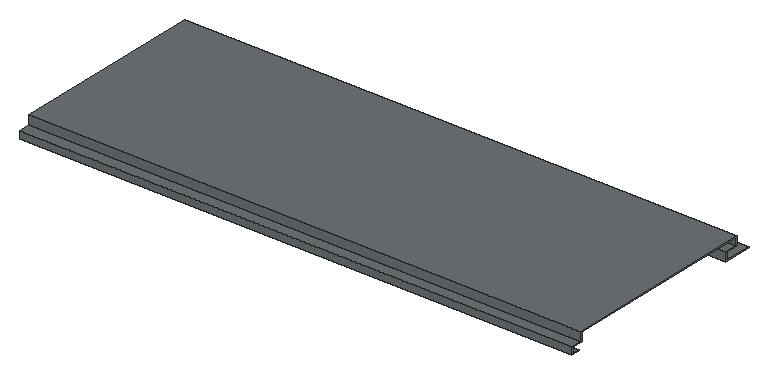
Revit family "BIMLIB_СайдингМеталлическийВертикальClassic_GRANDLINE", category Обобщенные модели, Revit 2017
Family settings
  Может служить основой для арматурных стержней = Нет
  Размер круглого соединителя = Использовать диаметр
  Тип детали = Нормальный
  При загрузке вырезать с полостями = Нет
  Общий = Нет
  Точка расчета площади = Нет
Parameters (values of type "Вертикаль Classic")
  Смещение от плоскости [instance] = 0 mm
  Описание = ADSK_Наименование  # "Металлический cайдинг Вертикаль Classic"
  Изготовитель = "Grand Line"  # constant formula
  built-in parameter 1001306 [instance] = 500 mm
  Watermark [instance] = "Модели защищены уникальным кодом"
  URL = "https://www.grandline.ru"
  BL_Разработано = "support@bimlib.pro"
  BL_Email = "info@grandline.ru"
  BL_BIM library = "https://bimlib.pro/manufacturer/company/22430"
  ADSK_Размер_Ширина = 176.5 mm
  ADSK_Размер_Длина [instance] = [built-in parameter 1001306]  # 500 mm
  ADSK_Обозначение = "ГОСТ 19904-90, ГОСТ 14918-80"
  ADSK_Наименование = "Металлический cайдинг Вертикаль Classic"
  ADSK_Материал тип подсчета = 2  # constant formula
  ADSK_Материал = GL_Drap_RAL7016
  ADSK_Масса_Текст [instance] = ""
  ADSK_Масса [instance] = 0
  ADSK_Марка = ""
  ADSK_Количество [instance] = if(ADSK_Материал тип подсчета = 0, 1, if(ADSK_Материал тип подсчета = 1, ADSK_Размер_Длина / 1000 mm, if(ADSK_Материал тип подсчета = 2, ADSK_Размер_Длина * ADSK_Размер_Ширина / 1.00 m², 0)))  # 0.08825
  ADSK_Код изделия = "М.09-08.01"  # constant formula
  ADSK_Завод-изготовитель = "Grand Line"  # constant formula
  ADSK_Единица измерения = "м2"  # constant formula
  ADSK_Группирование = "Сайдинг"  # constant formula
  ADSK_Версия Revit = "2017"  # constant formula
  ADSK_URL страницы изделия = "https://www.grandline.ru/shop/fasad/metallicheskij-sajding/vertikal-grand-line/"
  ADSK_URL документации изделия = "https://www.grandline.ru/shop/fasad/metallicheskij-sajding/vertikal-grand-line/tehnicheskaya-dokumentaciya/#techdoc"
Reference planes
  plane 1 "По центру (Вперед/Назад)": y = 0
  plane 2: z = 0
  plane 3 "Слева": x = 0
  plane 4 "Справа": x = 500
  plane 5: y = 175.5
Forms (mm)
  Sweep 1, solid, material "GL_Drap_RAL7016" <- "ADSK_Материал"
    path in 3D
      loop
        line (0, 0, 0) -> (500, 0, 0)
    profile "Профиль_СайдингМеталлическийВертикальClassic : Профиль_СайдингМеталлическийВертикальClassic" origin (250, 0, 0) x (0, 1, 0) y (0, 0, 1)
      loop
        line (0, 1) -> (8, 1) -> (8, 1.8) -> (0.8, 1.8) -> (0.8, 6.7) -> (10.8, 6.7) -> (10.8, 14.7) -> (185.7, 14.7) -> (185.7, 8.3) -> (174.7, 8.3) -> (174.7, 0) -> (200, 0) -> (200, 0.8) -> (175.5, 0.8) -> (175.5, 7.5) -> (186.5, 7.5) -> (186.5, 15.5) -> (10, 15.5) -> (10, 7.5) -> (0, 7.5) -> (0, 1)
Lines and regions (mm)
  reference lines
    curve 1: line (0, 0, 0) -> (500, 0, 0)
  sketch lines
    curve 2: line (0, 0, 0) -> (500, 0, 0)
Dimensions and locks
  "built-in parameter 1001306": plane 3 "Слева" to plane 4 "Справа"
  aligned and locked: plane 4 "Справа" to curve 1
  aligned and locked: plane 1 "По центру (Вперед/Назад)" to curve 1
  aligned and locked: plane 3 "Слева" to curve 1
  aligned and locked: level to plane 2
